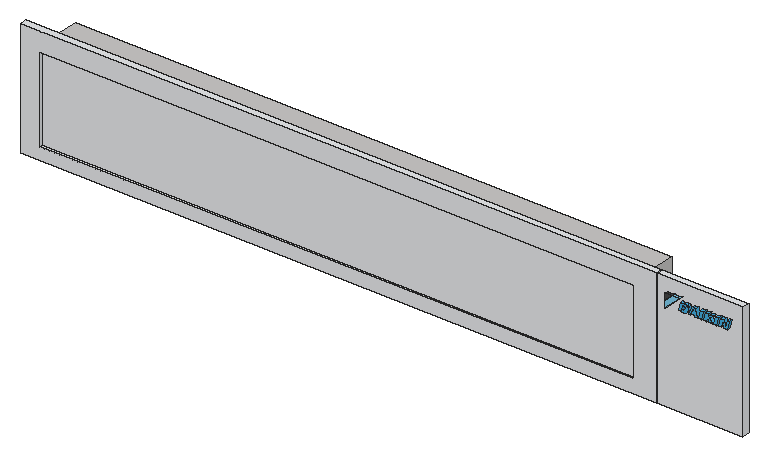
Revit family "outputfile", category 制気口, Revit 2024
Family settings
  丸型コネクタ寸法 = 直径を使用
  パーツ タイプ = 標準
  OmniClass 番号 = 23.75.70.21.27.11
  OmniClass タイトル = Diffusers, Registers, and Grilles
  作業面ベース = いいえ
  常に垂直 = はい
  ロード時にボイドで切り取り = いいえ
  注釈の向きを維持 = いいえ
  共有 = いいえ
  部屋計算ポイント = いいえ
Parameters (values of type "FPDAQ63APVM")
  Description = ""
  製造元 = "Daikin"
  書き出し IFC クラス(タイプ) = "IfcAirTerminalType"
  Default Elevation = 0 mm
  定義済み IFC タイプ(タイプ) = "GRILLE"
  Cost = 0
  モデル = "FPDAQ63APVM"
  Type Comments = ""
  Keynote = ""
  Type Image = (empty or 0)
  Assembly Code = ""
  Width = 1122 mm
  Version = "ver.1.0"
  Unit Type = "3D Air Flow Ceiling Mounted Duct Type"
  Unit Designation [instance] = ""
  Uniclass2015Version = "Products v1.35"
  Uniclass2015Title = "Air grilles"
  Uniclass2015Code = "Pr_70_65_04_03"
  URL = ""
  Series = "VRV Fan Coil Unit"
  SA Duct Size Width = 856 mm
  SA Duct Size Height = 141 mm
  Material_Grille = DAIKIN_FreshWhite_Panel_indoorunit
  IfcVersion = ""
  IfcExportType = "GRILLE"
  IfcExportAs = "IfcAirTerminalType"
  Height = 180 mm
  FCU Tag No. [instance] = ""
  Design Supply Airflow [instance] = 0.00 m³/h
  Depth = 70 mm
Reference planes
  plane 1 "Center (Front/Back)": y = 0
  plane 2: z = 90
  plane 3 "Center (Left/Right)": x = 10
  plane 4: x = 571
  plane 5: x = 437
  plane 6: x = -551
  plane 7: z = -90
  plane 8: z = -90
  plane 9: z = -75
  plane 10: x = 504
  plane 11: x = -521
  plane 12 "Center (Elevation)": z = 0
  plane 13: y = -10
  plane 14: y = -5
  plane 15: y = 60
  plane 16: z = 70.5
  plane 17: x = 405
  plane 18: z = 60
  plane 19: z = -23
  plane 20: z = -70.5
  plane 21: x = 508.5
  plane 22: x = 468
  plane 23: x = -58
Forms (mm)
  Extrusion 1, solid, material "DAIKIN_FreshWhite_Panel_indoorunit" <- "Material_Grille"
    sketch origin (10, 0, 0) x (0, 1, 0) y (0, 0, 1)
      loop
        line (0, 90) -> (-10, 90) -> (-10, -90) -> (0, -90) -> (0, 90)
    from 427 to 561
  Extrusion 2, solid, material "DAIKIN_FreshWhite_Panel_indoorunit" <- "Material_Grille"
    sketch origin (10, 0, 0) x (0, 1, 0) y (0, 0, 1)
      loop
        line (-10, 90) -> (-10, -90) -> (0, -90) -> (0, 90) -> (-10, 90)
    from -561 to 427
  Extrusion 3, void
    sketch origin (0, 0, 0) x (1, 0, 0) y (0, 0, 1)
      loop
        line (-521, 61) -> (-521, -70.5) -> (400.5, -70.5) -> (400.5, 61) -> (-521, 61)
    from 10 to 5
  Extrusion 4, solid, material "DAIKIN_GalvanizedSteel_Casing_indoorunit"
    sketch origin (0, 0, 0) x (1, 0, 0) y (0, 1, 0)
      loop
        line (-521, 60) -> (-521, 0) -> (405, 0) -> (405, 60) -> (-521, 60)
    from -70.5 to 70.5
  Extrusion 5, solid, material "DAIKIN_GalvanizedSteel_Casing_indoorunit"
    sketch origin (0, 0, 0) x (1, 0, 0) y (0, 1, 0)
      loop
        line (483.049, 33) -> (469.7, 19.651) -> (469.7, 0) -> (538.3, 0) -> (538.3, 33) -> (483.049, 33)
    from -23 to 60
Cuts and joins
  Extrusion 3 cuts Extrusion 2
  Extrusion 3 cuts Extrusion 1
Dimensions and locks
  locked: plane 2 to plane 7 at 180
  locked: plane 2 to Extrusion 3 sketch curve at 29
  locked: plane 2 to plane 9 at 165
  locked: plane 4 to plane 5 at 134
  locked: plane 11 to plane 6 at 30
  locked: plane 13 to plane 1 "Center (Front/Back)" at 10
  equal spacing: plane 13, plane 14, plane 1 "Center (Front/Back)"
  plane 6 to plane 3 "Center (Left/Right)" = 561 mm
  equal spacing: plane 4, plane 10, plane 5
  locked: plane 2 to plane 16 at 19.5
  locked: plane 17 to plane 4 at 166
  equal spacing: Extrusion 5 sketch curve, plane 10, Extrusion 5 sketch curve
  locked: Extrusion 5 sketch curve to Extrusion 5 sketch curve at 68.6
  locked: plane 1 "Center (Front/Back)" to Extrusion 5 sketch curve at 33
  plane 2 to plane 18 = 30 mm  (x2)
  locked: plane 19 to plane 8 at 67
  locked: plane 20 to plane 8 at 19.5
  "Width": plane 6 to plane 4
  "Depth": plane 15 to plane 13
  "Height": plane 2 to plane 8
  locked: plane 4 to plane 21 at 62.5
  locked: plane 22 to plane 5 at 31
  equal spacing: plane 17, plane 23, plane 11
  equal spacing: plane 4, plane 3 "Center (Left/Right)", plane 6
  aligned and locked: Extrusion 1 to plane 5
  aligned and locked: plane 4 to Extrusion 1
  aligned and locked: plane 7 to Extrusion 2 sketch curve
  aligned and locked: Extrusion 2 to Extrusion 1
  aligned and locked: Extrusion 2 to plane 6
  aligned and locked: Extrusion 3 to plane 11
  aligned and locked: Extrusion 1 sketch curve to plane 2
  aligned and locked: plane 2 to Extrusion 2 sketch curve
  aligned and locked: level to plane 12 "Center (Elevation)"
  aligned and locked: Extrusion 1 sketch curve to plane 1 "Center (Front/Back)"
  aligned and locked: plane 1 "Center (Front/Back)" to Extrusion 4 sketch curve
  aligned and locked: plane 14 to Extrusion 3
  aligned and locked: plane 1 "Center (Front/Back)" to Extrusion 2 sketch curve
  aligned and locked: plane 13 to Extrusion 2 sketch curve
  aligned and locked: Extrusion 2 to Extrusion 3
  aligned and locked: plane 13 to Extrusion 1 sketch curve
  aligned and locked: plane 15 to Extrusion 4
  aligned and locked: Extrusion 4 to cut or joined group of Extrusion 2, Extrusion 3
  aligned and locked: nested 1 to plane 16
  aligned and locked: plane 10 to nested 1
  aligned and locked: nested 1 to plane 13
  aligned and locked: plane 17 to Extrusion 4
  aligned and locked: Extrusion 5 sketch curve to plane 1 "Center (Front/Back)"
  aligned and locked: plane 18 to Extrusion 5
  aligned and locked: Extrusion 5 to plane 19
  aligned and locked: Extrusion 4 to plane 20
  aligned and locked: Extrusion 3 to Extrusion 4
  aligned and locked: Extrusion 4 to plane 16
  aligned and locked: Extrusion 1 sketch curve to plane 8
Automatic sketch dimensions
  plane 6 to Extrusion 3 sketch curve = 30 mm
  Extrusion 3 sketch curve to plane 5 = 36.5 mm
  Extrusion 4 sketch curve to plane 10 = 99 mm
  Extrusion 4 sketch curve to plane 11 = 0 mm
  Extrusion 4 sketch curve to plane 1 "Center (Front/Back)" = 60 mm
  Extrusion 5 sketch curve to Extrusion 5 sketch curve = 13.349 mm  (x2)
  plane 20 to Extrusion 3 sketch curve = 0 mm
Nested families
  nested 1: "daikin_logo_elevation_w100" at (519, -10, 45.5), type "daikin_logo_elevation_w100"
    with show_logo yes
Connectors
  hvac at (-58, 60, 0), driven by "SA Duct Size Height", driven by "SA Duct Size Width", driven by "Design Supply Airflow"
    settings: on Extrusion 4, index 1, duct flow 0.00 m³/h, flow factor 0, pres drop 0.0 Pa, loss coef 0, conn angle 0.00°, conn width 856.0 mm, conn height 141.0 mm, conn diameter 609.6 mm, duct sys type 1, conn prof type 1, flow config 1, flow direction 1, loss method 4, conn ref index -1, conn util no, is conn primary yes, conn desc "SA Duct"
Definition of nested family "daikin_logo_elevation_w100"
  Parameters (values of type "daikin_logo_elevation_w100")
    width = 100 mm
    show_logo [instance] = yes
    material = none
    height = 25 mm
    depth = 5 mm
    Default Elevation = 0 mm
  Reference planes
    plane 1 "Center (Front/Back)": y = 0
    plane 2: z = 0
    plane 3 "Center (Left/Right)": x = -15
    plane 4 "left": x = -65
    plane 5 "right": x = 35
    plane 6: y = -5
    plane 7: z = 25
  Forms (mm)
    Extrusion 1, solid
      sketch origin (0, 0, 0) x (1, 0, 0) y (0, 0, 1)
        loop
          line (-65, 25) -> (-65, 14.753) -> (-53.814, 25) -> (-65, 25)
      from 0 to 5
    Extrusion 2, solid
      sketch origin (0, 0, 0) x (1, 0, 0) y (0, 0, 1)
        loop
          line (-42.019, 25) -> (-53.814, 25) -> (-65, 14.753) -> (-65, 3.87) -> (-42.019, 25)
      from 0 to 5
    Extrusion 3, solid
      sketch origin (0, 0, 0) x (1, 0, 0) y (0, 0, 1)
        loop
          line (-35.602, 20.041) -> (-41.486, 20.041) -> (-44.428, 8.274) -> (-35.602, 8.274)
          arc (-35.602, 8.274) -> (-32.105, 8.983) -> (-29.415, 11.329) r 6.978
          arc (-29.415, 11.329) -> (-28.233, 14.382) -> (-28.637, 17.63) r 6.701
          arc (-28.637, 17.63) -> (-29.469, 18.814) -> (-30.709, 19.559) r 3.49
          arc (-30.709, 19.559) -> (-33.138, 19.976) -> (-35.602, 20.041) r 17.114
        loop
          line (-38.544, 10.627) -> (-36.191, 10.627)
          arc (-36.191, 10.627) -> (-34.383, 11.838) -> (-33.335, 13.745) r 4.6
          arc (-33.335, 13.745) -> (-33.193, 15.202) -> (-33.538, 16.625) r 4.404
          arc (-33.538, 16.625) -> (-34.051, 17.128) -> (-34.72, 17.393) r 1.818
          line (-34.72, 17.393) -> (-37.073, 17.393) -> (-38.544, 10.627)
        loop
          line (-29.13, 8.274) -> (-25.894, 8.274) -> (-24.791, 10.333) -> (-20.158, 10.333) -> (-19.717, 8.274) -> (-14.422, 8.274) -> (-16.775, 20.041) -> (-22.659, 20.041) -> (-29.13, 8.274)
        loop
          line (-23.373, 12.98) -> (-20.725, 12.98) -> (-21.482, 16.511) -> (-23.373, 12.98)
        loop
          line (-10.009, 20.041) -> (-12.951, 8.274) -> (-7.95, 8.274) -> (-5.008, 20.041) -> (-10.009, 20.041)
        loop
          line (-5.008, 8.274) -> (-0.007, 8.274) -> (0.792, 11.472) -> (3.229, 8.274) -> (9.407, 8.274) -> (4.7, 14.451) -> (11.466, 20.041) -> (6.171, 20.041) -> (2.093, 16.672) -> (2.935, 20.041) -> (-2.066, 20.041) -> (-5.008, 8.274)
        loop
          line (10.583, 8.274) -> (15.879, 8.274) -> (18.82, 20.041) -> (13.819, 20.041) -> (10.583, 8.274)
        loop
          line (18.82, 8.274) -> (22.35, 8.274) -> (24.013, 14.925) -> (26.175, 8.274) -> (32.058, 8.274) -> (35, 20.041) -> (31.47, 20.041) -> (29.679, 12.878) -> (27.351, 20.041) -> (21.762, 20.041) -> (18.82, 8.274)
      from 0 to 5
  Lines and regions (mm)
    model lines
      curve 1: line (-42.019, 0, 25) -> (-52.024, 0, 25)
      curve 2: line (-52.024, 0, 25) -> (-65, 0, 13.114)
      curve 3: line (-65, 0, 13.114) -> (-65, 0, 3.87)
      curve 4: line (-65, 0, 3.87) -> (-42.019, 0, 25)
      curve 5: line (-65, 0, 14.753) -> (-65, 0, 25)
      curve 6: line (-65, 0, 25) -> (-53.814, 0, 25)
      curve 7: line (-53.814, 0, 25) -> (-65, 0, 14.753)
      curve 8: line (-20.725, 0, 12.98) -> (-23.373, 0, 12.98)
      curve 9: line (-23.373, 0, 12.98) -> (-21.482, 0, 16.511)
      curve 10: line (-21.482, 0, 16.511) -> (-20.725, 0, 12.98)
      curve 11: line (-19.717, 0, 8.274) -> (-20.158, 0, 10.333)
      curve 12: line (-20.158, 0, 10.333) -> (-24.791, 0, 10.333)
      curve 13: line (-24.791, 0, 10.333) -> (-25.894, 0, 8.274)
      curve 14: line (-25.894, 0, 8.274) -> (-29.13, 0, 8.274)
      curve 15: line (-29.13, 0, 8.274) -> (-22.659, 0, 20.041)
      curve 16: line (-22.659, 0, 20.041) -> (-16.775, 0, 20.041)
      curve 17: line (-36.191, 0, 10.627) -> (-38.544, 0, 10.627)
      curve 18: line (-38.544, 0, 10.627) -> (-37.073, 0, 17.393)
      curve 19: line (-37.073, 0, 17.393) -> (-34.72, 0, 17.393)
      curve 20: line (-5.008, 0, 20.041) -> (-10.009, 0, 20.041)
      curve 21: line (-10.009, 0, 20.041) -> (-12.951, 0, 8.274)
      curve 22: line (-12.951, 0, 8.274) -> (-7.95, 0, 8.274)
      curve 23: line (-7.95, 0, 8.274) -> (-5.008, 0, 20.041)
      curve 24: line (24.013, 0, 14.925) -> (22.35, 0, 8.274)
      curve 25: line (22.35, 0, 8.274) -> (18.82, 0, 8.274)
      curve 26: line (18.82, 0, 8.274) -> (21.762, 0, 20.041)
      curve 27: line (21.762, 0, 20.041) -> (27.351, 0, 20.041)
      curve 28: line (27.351, 0, 20.041) -> (29.679, 0, 12.878)
      curve 29: line (29.679, 0, 12.878) -> (31.47, 0, 20.041)
      curve 30: line (31.47, 0, 20.041) -> (35, 0, 20.041)
      curve 31: line (35, 0, 20.041) -> (32.058, 0, 8.274)
      curve 32: line (32.058, 0, 8.274) -> (26.175, 0, 8.274)
      curve 33: line (26.175, 0, 8.274) -> (24.013, 0, 14.925)
      curve 34: line (-16.775, 0, 20.041) -> (-14.422, 0, 8.274)
      curve 35: line (-14.422, 0, 8.274) -> (-19.717, 0, 8.274)
      curve 36: line (-35.602, 0, 20.041) -> (-41.486, 0, 20.041)
      curve 37: line (-41.486, 0, 20.041) -> (-44.428, 0, 8.274)
      curve 38: line (-44.428, 0, 8.274) -> (-35.602, 0, 8.274)
      curve 39: line (10.583, 0, 8.274) -> (15.879, 0, 8.274)
      curve 40: line (15.879, 0, 8.274) -> (18.82, 0, 20.041)
      curve 41: line (18.82, 0, 20.041) -> (13.819, 0, 20.041)
      curve 42: line (13.819, 0, 20.041) -> (10.583, 0, 8.274)
      curve 43: line (3.229, 0, 8.274) -> (0.792, 0, 11.472)
      curve 44: line (0.792, 0, 11.472) -> (-0.007, 0, 8.274)
      curve 45: line (-0.007, 0, 8.274) -> (-5.008, 0, 8.274)
      curve 46: line (-5.008, 0, 8.274) -> (-2.066, 0, 20.041)
      curve 47: line (-2.066, 0, 20.041) -> (2.935, 0, 20.041)
      curve 48: line (2.935, 0, 20.041) -> (2.093, 0, 16.672)
      curve 49: line (2.093, 0, 16.672) -> (6.171, 0, 20.041)
      curve 50: line (6.171, 0, 20.041) -> (11.466, 0, 20.041)
      curve 51: line (11.466, 0, 20.041) -> (4.7, 0, 14.451)
      curve 52: line (4.7, 0, 14.451) -> (9.407, 0, 8.274)
      curve 53: line (9.407, 0, 8.274) -> (3.229, 0, 8.274)
      curve 54: arc (-36.191, 0, 10.627) -> (-34.383, 0, 11.838) -> (-33.335, 0, 13.745) r 4.6
      curve 55: arc (-33.335, 0, 13.745) -> (-33.193, 0, 15.202) -> (-33.538, 0, 16.625) r 4.404
      curve 56: arc (-33.538, 0, 16.625) -> (-34.051, 0, 17.128) -> (-34.72, 0, 17.393) r 1.818
      curve 57: arc (-35.602, 0, 8.274) -> (-32.105, 0, 8.983) -> (-29.415, 0, 11.329) r 6.978
      curve 58: arc (-29.415, 0, 11.329) -> (-28.233, 0, 14.382) -> (-28.637, 0, 17.63) r 6.701
      curve 59: arc (-28.637, 0, 17.63) -> (-29.469, 0, 18.814) -> (-30.709, 0, 19.559) r 3.49
      curve 60: arc (-30.709, 0, 19.559) -> (-33.138, 0, 19.976) -> (-35.602, 0, 20.041) r 17.114
  Dimensions and locks
    "width": plane 4 "left" to plane 5 "right"
    "depth": plane 6 to plane 1 "Center (Front/Back)"
    equal spacing: plane 4 "left", plane 3 "Center (Left/Right)", plane 5 "right"
    "height": plane 7 to plane 2
    aligned and locked: level to plane 2
    aligned and locked: Extrusion 1 sketch curve to plane 4 "left"
    aligned and locked: Extrusion 1 sketch curve to plane 7
    aligned and locked: plane 7 to Extrusion 2 sketch curve
    aligned and locked: plane 4 "left" to Extrusion 2 sketch curve
    aligned and locked: Extrusion 3 to plane 6
    aligned and locked: Extrusion 1 to plane 6
    aligned and locked: Extrusion 2 to plane 6
  Automatic sketch dimensions
    plane 4 "left" to curve 5 = 0 mm
    plane 4 "left" to curve 2 = 0 mm
    curve 30 to plane 5 "right" = 0 mm
    curve 5 to curve 6 = 11.186 mm
    curve 6 to curve 2 = 1.79 mm
    curve 2 to curve 37 = 7.597 mm
    curve 2 to curve 1 = 10.005 mm
    curve 1 to curve 37 = 0.534 mm
    curve 37 to curve 18 = 5.884 mm
    curve 17 to curve 54 = 0.769 mm
    curve 54 to curve 55 = 0.188 mm
    curve 54 to curve 19 = 0.702 mm
    curve 17 to curve 17 = 2.353 mm
    curve 18 to curve 36 = 1.471 mm
    curve 17 to curve 38 = 0.588 mm
    curve 55 to curve 57 = 2.392 mm
    curve 57 to curve 56 = 0.152 mm
    curve 57 to curve 58 = 0.311 mm
    curve 57 to curve 60 = 0.787 mm
    curve 56 to curve 19 = 0.322 mm
    curve 19 to curve 59 = 2.873 mm
    curve 57 to curve 15 = 6.472 mm
    curve 14 to curve 13 = 3.236 mm
    curve 13 to curve 13 = 1.103 mm
    curve 12 to curve 8 = 1.418 mm
    curve 8 to curve 16 = 0.714 mm
    curve 15 to curve 10 = 1.177 mm
    curve 8 to curve 10 = 2.648 mm
    curve 8 to curve 12 = 0.567 mm
    curve 11 to curve 35 = 0.441 mm
    curve 16 to plane 3 "Center (Left/Right)" = 1.775 mm
    plane 3 "Center (Left/Right)" to curve 35 = 0.578 mm
    curve 34 to curve 21 = 1.471 mm
    plane 3 "Center (Left/Right)" to curve 21 = 4.991 mm
    curve 21 to curve 23 = 5.001 mm
    curve 20 to curve 23 = 5.001 mm
    curve 22 to curve 45 = 2.942 mm
    curve 20 to curve 47 = 2.942 mm
    curve 45 to curve 44 = 5.001 mm
    curve 44 to curve 44 = 0.799 mm
    curve 46 to curve 49 = 4.159 mm
    curve 49 to curve 48 = 0.842 mm
    curve 44 to curve 53 = 3.236 mm
    curve 48 to curve 52 = 2.607 mm
    curve 47 to curve 49 = 3.236 mm
    curve 43 to curve 53 = 6.178 mm
    curve 52 to curve 39 = 1.177 mm
    curve 49 to curve 51 = 5.295 mm
    curve 50 to curve 41 = 2.353 mm
    curve 39 to curve 39 = 5.295 mm
    curve 41 to curve 40 = 5.001 mm
    curve 39 to curve 25 = 2.942 mm
    curve 40 to curve 26 = 2.942 mm
    curve 25 to curve 24 = 3.53 mm
    curve 26 to curve 33 = 2.251 mm
    curve 24 to curve 33 = 3.824 mm
    curve 26 to curve 27 = 5.589 mm
    curve 29 to plane 5 "right" = 5.321 mm
    curve 29 to curve 30 = 3.53 mm
    curve 31 to plane 5 "right" = 2.942 mm
    curve 60 to plane 7 = 22.055 mm
    curve 60 to curve 3 = 0.925 mm
    curve 60 to curve 37 = 5.329 mm
    curve 60 to curve 34 = 5.329 mm
    curve 32 to curve 34 = 0 mm
    curve 39 to curve 32 = 0 mm
    curve 43 to curve 39 = 0 mm
    curve 26 to curve 39 = 0 mm
    curve 23 to curve 34 = 0 mm
    curve 13 to curve 11 = 0 mm
    curve 44 to curve 43 = 0 mm
    curve 11 to curve 11 = 2.059 mm
    curve 38 to curve 17 = 2.353 mm
    curve 44 to curve 43 = 3.198 mm
    curve 31 to curve 29 = 4.604 mm
    curve 12 to curve 8 = 2.648 mm
    curve 4 to curve 2 = 9.244 mm
    curve 43 to curve 51 = 2.98 mm
    curve 2 to curve 5 = 1.639 mm
    curve 17 to curve 55 = 4.265 mm
    curve 28 to curve 24 = 2.046 mm
    curve 55 to curve 54 = 0.053 mm
    curve 55 to curve 58 = 0.311 mm
    curve 58 to curve 57 = 0.037 mm
    curve 57 to curve 56 = 0.364 mm
    curve 58 to curve 59 = 1.057 mm
    curve 8 to curve 9 = 3.53 mm
    curve 51 to curve 48 = 2.22 mm
    curve 54 to curve 18 = 2.447 mm
    curve 22 to curve 21 = 11.767 mm
    curve 46 to curve 20 = 0 mm
    curve 24 to curve 26 = 5.116 mm
    curve 49 to curve 47 = 0 mm
    curve 42 to curve 50 = 0 mm
    curve 9 to curve 16 = 3.53 mm
    curve 29 to curve 27 = 0 mm
    curve 18 to curve 37 = 2.648 mm
    curve 36 to curve 6 = 4.959 mm
    curve 36 to curve 4 = 4.959 mm
    curve 19 to curve 55 = 1.182 mm
    curve 59 to curve 60 = 1.138 mm
    curve 58 to curve 14 = 0.285 mm
    Extrusion 1 sketch curve to plane 4 "left" = 11.186 mm
    Extrusion 1 sketch curve to plane 7 = 10.247 mm
    Extrusion 2 sketch curve to plane 4 "left" = 22.981 mm
    Extrusion 2 sketch curve to plane 7 = 10.247 mm
    level to Extrusion 2 sketch curve = 3.87 mm
    Extrusion 2 sketch curve to plane 4 "left" = 11.186 mm
    Extrusion 3 sketch curve to plane 7 = 4.959 mm  (x5)
    Extrusion 3 sketch curve to plane 3 "Center (Left/Right)" = 20.602 mm
    level to Extrusion 3 sketch curve = 2.945 mm
    Extrusion 3 sketch curve to Extrusion 3 sketch curve = 0.787 mm  (x2)
    Extrusion 3 sketch curve to Extrusion 3 sketch curve = 5.884 mm
    Extrusion 3 sketch curve to Extrusion 3 sketch curve = 4.894 mm
    Extrusion 3 sketch curve to Extrusion 3 sketch curve = 1.138 mm
    Extrusion 3 sketch curve to Extrusion 3 sketch curve = 3.299 mm
    Extrusion 3 sketch curve to Extrusion 3 sketch curve = 2.072 mm
    Extrusion 3 sketch curve to Extrusion 3 sketch curve = 3.036 mm
    Extrusion 3 sketch curve to Extrusion 3 sketch curve = 1.057 mm
    Extrusion 3 sketch curve to Extrusion 3 sketch curve = 2.432 mm
    Extrusion 3 sketch curve to Extrusion 3 sketch curve = 0.311 mm
    Extrusion 3 sketch curve to Extrusion 3 sketch curve = 0.037 mm
    Extrusion 3 sketch curve to Extrusion 3 sketch curve = 8.825 mm
    Extrusion 3 sketch curve to plane 7 = 7.607 mm
    Extrusion 3 sketch curve to Extrusion 3 sketch curve = 1.879 mm
    Extrusion 3 sketch curve to Extrusion 3 sketch curve = 2.942 mm  (x5)
    Extrusion 3 sketch curve to Extrusion 3 sketch curve = 0.163 mm
    Extrusion 3 sketch curve to Extrusion 3 sketch curve = 0.152 mm
    Extrusion 3 sketch curve to Extrusion 3 sketch curve = 0.364 mm
    Extrusion 3 sketch curve to Extrusion 3 sketch curve = 1.182 mm
    Extrusion 3 sketch curve to Extrusion 3 sketch curve = 2.392 mm
    Extrusion 3 sketch curve to Extrusion 3 sketch curve = 0.348 mm
    Extrusion 3 sketch curve to Extrusion 3 sketch curve = 1.548 mm
    Extrusion 3 sketch curve to Extrusion 3 sketch curve = 0.188 mm
    Extrusion 3 sketch curve to Extrusion 3 sketch curve = 0.053 mm
    Extrusion 3 sketch curve to Extrusion 3 sketch curve = 2.353 mm  (x2)
    Extrusion 3 sketch curve to Extrusion 3 sketch curve = 5.979 mm
    Extrusion 3 sketch curve to Extrusion 3 sketch curve = 0.285 mm
    Extrusion 3 sketch curve to plane 3 "Center (Left/Right)" = 1.775 mm
    Extrusion 3 sketch curve to Extrusion 3 sketch curve = 3.056 mm
    plane 3 "Center (Left/Right)" to Extrusion 3 sketch curve = 0.578 mm
    Extrusion 3 sketch curve to plane 3 "Center (Left/Right)" = 4.717 mm
    Extrusion 3 sketch curve to Extrusion 3 sketch curve = 0.441 mm
    Extrusion 3 sketch curve to Extrusion 3 sketch curve = 2.059 mm  (x2)
    Extrusion 3 sketch curve to Extrusion 3 sketch curve = 4.633 mm
    Extrusion 3 sketch curve to Extrusion 3 sketch curve = 1.103 mm
    Extrusion 3 sketch curve to Extrusion 3 sketch curve = 1.177 mm  (x2)
    Extrusion 3 sketch curve to Extrusion 3 sketch curve = 3.53 mm  (x2)
    Extrusion 3 sketch curve to Extrusion 3 sketch curve = 1.418 mm
    Extrusion 3 sketch curve to Extrusion 3 sketch curve = 2.648 mm  (x2)
    plane 3 "Center (Left/Right)" to Extrusion 3 sketch curve = 4.991 mm
    Extrusion 3 sketch curve to Extrusion 3 sketch curve = 1.471 mm
    Extrusion 3 sketch curve to Extrusion 3 sketch curve = 5.001 mm  (x4)
    Extrusion 3 sketch curve to Extrusion 3 sketch curve = 0 mm  (x8)
    Extrusion 3 sketch curve to plane 7 = 8.328 mm
    Extrusion 3 sketch curve to Extrusion 3 sketch curve = 0.842 mm
    Extrusion 3 sketch curve to Extrusion 3 sketch curve = 3.236 mm  (x2)
    Extrusion 3 sketch curve to Extrusion 3 sketch curve = 5.295 mm  (x2)
    Extrusion 3 sketch curve to Extrusion 3 sketch curve = 2.607 mm
    Extrusion 3 sketch curve to Extrusion 3 sketch curve = 2.22 mm
    Extrusion 3 sketch curve to Extrusion 3 sketch curve = 4.707 mm
    Extrusion 3 sketch curve to Extrusion 3 sketch curve = 6.178 mm
    Extrusion 3 sketch curve to Extrusion 3 sketch curve = 2.436 mm
    Extrusion 3 sketch curve to Extrusion 3 sketch curve = 3.198 mm
    Extrusion 3 sketch curve to Extrusion 3 sketch curve = 5.589 mm
    Extrusion 3 sketch curve to plane 5 "right" = 5.321 mm
    Extrusion 3 sketch curve to Extrusion 3 sketch curve = 7.163 mm
    Extrusion 3 sketch curve to plane 5 "right" = 3.53 mm
    Extrusion 3 sketch curve to plane 5 "right" = 0 mm
    Extrusion 3 sketch curve to plane 5 "right" = 2.942 mm
    Extrusion 3 sketch curve to Extrusion 3 sketch curve = 4.604 mm
    Extrusion 3 sketch curve to Extrusion 3 sketch curve = 3.504 mm
    Extrusion 3 sketch curve to Extrusion 3 sketch curve = 2.251 mm
    Extrusion 3 sketch curve to Extrusion 3 sketch curve = 5.116 mm
